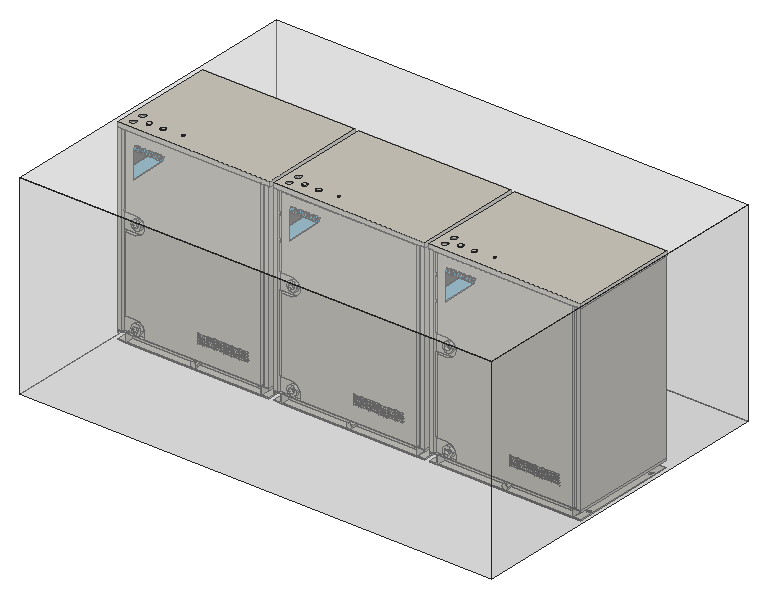
Revit family "outputfile", category 機械設備, Revit 2024
Family settings
  丸型コネクタ寸法 = 半径を使用
  種別 = なし
  パーツ タイプ = 標準
  OmniClass 番号 = 23.75.10.24.21.27.27
  OmniClass タイトル = Split System Air Conditioning Units
  作業面ベース = いいえ
  常に垂直 = はい
  ロード時にボイドで切り取り = いいえ
  注釈の向きを維持 = いいえ
  共有 = いいえ
  部屋計算ポイント = いいえ
Parameters (values of type "RWEYQ30TY1S")
  製造元 = "Daikin"
  書き出し IFC クラス(タイプ) = "IfcUnitaryEquipmentType"
  定義済み IFC タイプ(タイプ) = "AIRCONDITIONINGUNIT"
  モデル = "RWEYQ30TY1S"
  w_unit3 = 780.0 mm
  w_unit2 = 780.0 mm
  w_unit1 = 780.0 mm
  switch_unit3_6-8 [instance] = if(Reverse_ModuleSequence, if(default_unit1 = 1, 1 = 1, 1 = 0), if(default_unit3 = 1, 1 = 1, 1 = 0))  # no
  switch_unit3_12 [instance] = if(Reverse_ModuleSequence, if(default_unit1 = 3, 1 = 1, 1 = 0), if(default_unit3 = 3, 1 = 1, 1 = 0))  # no
  switch_unit3_10 [instance] = if(Reverse_ModuleSequence, if(default_unit1 = 2, 1 = 1, 1 = 0), if(default_unit3 = 2, 1 = 1, 1 = 0))  # yes
  switch_unit2_6-8 [instance] = if(default_unit2 = 1, 1 = 1, 1 = 0)  # no
  switch_unit2_12 [instance] = if(default_unit2 = 3, 1 = 1, 1 = 0)  # no
  switch_unit2_10 [instance] = if(default_unit2 = 2, 1 = 1, 1 = 0)  # yes
  switch_unit1_6-8 [instance] = if(Reverse_ModuleSequence, if(default_unit3 = 1, 1 = 1, 1 = 0), if(default_unit1 = 1, 1 = 1, 1 = 0))  # no
  switch_unit1_12 [instance] = if(Reverse_ModuleSequence, if(default_unit3 = 3, 1 = 1, 1 = 0), if(default_unit1 = 3, 1 = 1, 1 = 0))  # no
  switch_unit1_10 [instance] = if(Reverse_ModuleSequence, if(default_unit3 = 2, 1 = 1, 1 = 0), if(default_unit1 = 2, 1 = 1, 1 = 0))  # yes
  default_Water Outlet Pipe Connection_Unit 3 = 31.8 mm
  default_Water Outlet Pipe Connection_Unit 2 = 31.8 mm
  default_Water Outlet Pipe Connection_Unit 1 = 31.8 mm
  default_Water Inlet Pipe Connection_Unit 3 = 31.8 mm
  default_Water Inlet Pipe Connection_Unit 2 = 31.8 mm
  default_Water Inlet Pipe Connection_Unit 1 = 31.8 mm
  angle_Drain [instance] = if(Rear Connection_Drain, 180.00°, 0.00°)  # 0.00°
  r_Water Outlet Pipe Connection_unit3 [instance] = Water Outlet Pipe Connection_Unit3 / 2  # 15.9 mm
  r_Water Outlet Pipe Connection_unit2 [instance] = Water Outlet Pipe Connection_Unit2 / 2  # 15.9 mm
  r_Water Outlet Pipe Connection_unit1 [instance] = Water Outlet Pipe Connection_Unit1 / 2  # 15.9 mm
  r_Water Inlet Pipe Connection_unit3 [instance] = Water Inlet Pipe Connection_Unit3 / 2  # 15.9 mm
  r_Water Inlet Pipe Connection_unit2 [instance] = Water Inlet Pipe Connection_Unit2 / 2  # 15.9 mm
  r_Water Inlet Pipe Connection_unit1 [instance] = Water Inlet Pipe Connection_Unit1 / 2  # 15.9 mm
  r_Liquid Pipe Size_unit3 [instance] = Liquid Pipe Size_Unit 3 / 2  # 4.75 mm
  r_Liquid Pipe Size_unit2 [instance] = Liquid Pipe Size_Unit 2 / 2  # 4.75 mm
  r_HP/LP Gas Pipe Size_unit3 [instance] = [HP/LP Gas Pipe Size_Unit 3] / 2  # 11.1 mm
  r_HP/LP Gas Pipe Size_unit2 [instance] = [HP/LP Gas Pipe Size_Unit 2] / 2  # 11.1 mm
  r_HP/LP Gas Pipe Size_unit1 [instance] = [HP/LP Gas Pipe Size_Unit 1] / 2  # 11.1 mm
  r_Gas Pipe Size_unit3 [instance] = Gas Pipe Size_Unit 3 / 2  # 11.1 mm
  r_Gas Pipe Size_unit2 [instance] = Gas Pipe Size_Unit 2 / 2  # 11.1 mm
  r_Drain Pipe Size = Drain Pipe Size / 2  # 6.35 mm
  lw_powersupply3 = 51.0 mm
  lw_powersupply2 = 51.0 mm
  lw_liquidpipe3 = 274.0 mm
  lw_liquidpipe2 = 274.0 mm
  lw_gaspipe3 [instance] = if(Heat Pump, 107.0 mm, 178.0 mm)  # 107.0 mm
  lw_gaspipe2 [instance] = if(Heat Pump, 107.0 mm, 178.0 mm)  # 107.0 mm
  lw_Water Outlet3 = 95.0 mm
  lw_Water Outlet2 = 95.0 mm
  lw_Water Outlet1 = 95.0 mm
  lw_Water Inlet3 = 95.0 mm
  lw_Water Inlet2 = 95.0 mm
  lw_Water Inlet1 = 95.0 mm
  lw_HP/LP Gas Pipe3 [instance] = if(Heat Pump, 178.0 mm, 107.0 mm)  # 178.0 mm
  lw_HP/LP Gas Pipe2 [instance] = if(Heat Pump, 178.0 mm, 107.0 mm)  # 178.0 mm
  lw_HP/LP Gas Pipe1 [instance] = if(Heat Pump, 178.0 mm, 107.0 mm)  # 178.0 mm
  lw_Drain3 = 390.0 mm
  lw_Drain2 = 390.0 mm
  lw_Drain1 = 390.0 mm
  ld_HP/LP Gas Pipe = 69.0 mm
  h_mountinghole = [h_***] + 2.3 mm  # 2.3 mm
  r_Liquid Pipe Size_unit1 [instance] = Liquid Pipe Size_Unit 1 / 2  # 4.75 mm
  r_Gas Pipe Size_unit1 [instance] = Gas Pipe Size_Unit 1 / 2  # 11.1 mm
  distance_unit2-3 [instance] = 20.0 mm
  distance_unit1-2 [instance] = 20.0 mm
  default_unit3 = 2
  default_unit2 = 2
  default_unit1 = 2
  default_Model_Unit 3 = "RWEYQ10TY1S"
  default_Model_Unit 2 = "RWEYQ10TY1S"
  default_Model_Unit 1 = "RWEYQ10TY1S"
  default_Liquid Pipe Size_Unit 3 = 9.5 mm
  default_Liquid Pipe Size_Unit 2 = 9.5 mm
  default_Liquid Pipe Size_Unit 1 = 9.5 mm
  default_HP/LP Gas Pipe Size_Unit 3 [instance] = if(and(Heat Pump, [switch_unit3_6-8]), 19.1 mm, if(and(Heat Pump, switch_unit3_10), 22.2 mm, if(and(Heat Pump, switch_unit3_12), 22.2 mm, if(and(Heat Recovery, [switch_unit3_6-8]), 15.9 mm, if(and(Heat Recovery, switch_unit3_10), 19.1 mm, if(and(Heat Recovery, switch_unit3_12), 19.1 mm, 19.1 mm))))))  # 22.2 mm
  default_HP/LP Gas Pipe Size_Unit 2 [instance] = if(and(Heat Pump, [switch_unit2_6-8]), 19.1 mm, if(and(Heat Pump, switch_unit2_10), 22.2 mm, if(and(Heat Pump, switch_unit2_12), 22.2 mm, if(and(Heat Recovery, [switch_unit2_6-8]), 15.9 mm, if(and(Heat Recovery, switch_unit2_10), 19.1 mm, if(and(Heat Recovery, switch_unit2_12), 19.1 mm, 19.1 mm))))))  # 22.2 mm
  default_HP/LP Gas Pipe Size_Unit 1 [instance] = if(and(Heat Pump, [switch_unit1_6-8]), 19.1 mm, if(and(Heat Pump, switch_unit1_10), 22.2 mm, if(and(Heat Pump, switch_unit1_12), 22.2 mm, if(and(Heat Recovery, [switch_unit1_6-8]), 15.9 mm, if(and(Heat Recovery, switch_unit1_10), 19.1 mm, if(and(Heat Recovery, switch_unit1_12), 19.1 mm, 19.1 mm))))))  # 22.2 mm
  default_Gas Pipe Size_Unit 3 = 22.2 mm
  default_Gas Pipe Size_Unit 2 = 22.2 mm
  default_Gas Pipe Size_Unit 1 = 22.2 mm
  Water Outlet Pipe Connection_Unit3 [instance] = if(Reverse_ModuleSequence, default_Water Outlet Pipe Connection_Unit 1, default_Water Outlet Pipe Connection_Unit 3)  # 31.8 mm
  Water Outlet Pipe Connection_Unit2 [instance] = if(Reverse_ModuleSequence, default_Water Inlet Pipe Connection_Unit 2, default_Water Inlet Pipe Connection_Unit 2)  # 31.8 mm
  Water Outlet Pipe Connection_Unit1 [instance] = if(Reverse_ModuleSequence, default_Water Outlet Pipe Connection_Unit 3, default_Water Outlet Pipe Connection_Unit 1)  # 31.8 mm
  Water Inlet Pipe Connection_Unit3 [instance] = if(Reverse_ModuleSequence, default_Water Inlet Pipe Connection_Unit 1, default_Water Inlet Pipe Connection_Unit 3)  # 31.8 mm
  Water Inlet Pipe Connection_Unit2 [instance] = if(Reverse_ModuleSequence, default_Water Outlet Pipe Connection_Unit 2, default_Water Outlet Pipe Connection_Unit 2)  # 31.8 mm
  Water Inlet Pipe Connection_Unit1 [instance] = if(Reverse_ModuleSequence, default_Water Inlet Pipe Connection_Unit 3, default_Water Inlet Pipe Connection_Unit 1)  # 31.8 mm
  Voltage_comment_50Hz = "380-415"
  Voltage_50Hz = 400 V
  Top Connection_powersupply2 [instance] = not(Top Connection_powersupply1)  # no
  Sound Power Level (dB) = 76
  Reverse_ModuleSequence [instance] = no
  Rear Connection_Drain [instance] = not(Front Connection_Drain)  # no
  Power Input (Heating) = 16.800 kW
  Phase_50Hz = 3
  Nominal Heating Capacity = 94.500 kW
  Model_Unit 3 [instance] = if(Reverse_ModuleSequence, default_Model_Unit 1, default_Model_Unit 3)  # "RWEYQ10TY1S"
  Model_Unit 2 [instance] = if(Reverse_ModuleSequence, default_Model_Unit 2, default_Model_Unit 2)  # "RWEYQ10TY1S"
  Model_Unit 1 [instance] = if(Reverse_ModuleSequence, default_Model_Unit 3, default_Model_Unit 1)  # "RWEYQ10TY1S"
  Minimum Circuit Amps_50Hz = 40.9 A
  Maximum Fuse Amps_50Hz = 45.0 A
  Material_Heat Exchanger = DAIKIN_Blue_HE_outdoorunit
  Material_Casing = DAIKIN_IvoryWhite_Casing_outdoorunit
  lw_powersupply1 = 51.0 mm
  lw_liquidpipe1 = 274.0 mm
  lw_gaspipe1 [instance] = if(Heat Pump, 107.0 mm, 178.0 mm)  # 107.0 mm
  lh_powersupply = 940.0 mm
  ld_powersupply [instance] = if(Top Connection_powersupply1, 38.0 mm, 98.0 mm)  # 38.0 mm
  ld_liquidpipe = 79.0 mm
  ld_gaspipe = 69.0 mm
  h_*** = 0.0 mm
  Width [instance] = [distance_unit1-2] + [distance_unit2-3] + w_unit1 + w_unit2 + w_unit3  # 2380.0 mm
  Version = "ver.1.0"
  Unit Type = ""
  Unit Mass Weight = 441.00 kg
  Unit Designation [instance] = ""
  Uniclass2015Version = "Products v1.30"
  Uniclass2015Title = "Variable refrigerant flow units"
  Uniclass2015Code = "Pr_70_65_03_94"
  Total Cooling Capacity [instance] = 0.000 kW
  Sound Pressure Level (dBA) = 56
  Series = "VRV Heat Recovery"
  Refrigerant_Base Charge = 12.600 kg
  Refrigerant_Additional Charge [instance] = 0.000 kg
  Refrigerant Type = "R410A"
  Power Input (Cooling) = 16.300 kW
  Option Accessory 3 [instance] = ""
  Option Accessory 2 [instance] = ""
  Option Accessory 1 [instance] = ""
  Nominal Cooling Capacity = 84.000 kW
  Load Classification = HVAC
  Liquid Pipe Size_Unit 3 [instance] = if(Reverse_ModuleSequence, default_Liquid Pipe Size_Unit 1, default_Liquid Pipe Size_Unit 3)  # 9.5 mm
  Liquid Pipe Size_Unit 2 [instance] = if(Reverse_ModuleSequence, default_Liquid Pipe Size_Unit 2, default_Liquid Pipe Size_Unit 2)  # 9.5 mm
  Liquid Pipe Size_Unit 1 [instance] = if(Reverse_ModuleSequence, default_Liquid Pipe Size_Unit 3, default_Liquid Pipe Size_Unit 1)  # 9.5 mm
  Link_Nested Family [instance] = ""
  Intermediate Liquid Pipe Size_Unit1-2 = 15.9 mm
  Intermediate HP/LP Gas Pipe Size_Unit1-2 = 22.2 mm
  Intermediate Gas Pipe Size_Unit1-2 = 28.6 mm
  IfcVersion = ""
  IfcExportType = "AIRCONDITIONINGUNIT"
  IfcExportAs = "IfcUnitaryEquipmentType"
  Height = 1000.0 mm
  Heat Recovery [instance] = not(Heat Pump)  # no
  Heat Pump [instance] = yes
  Heat Exchanger Type = "Stainless Steel Plate"
  HP/LP Gas Pipe Size_Unit 3 [instance] = [default_HP/LP Gas Pipe Size_Unit 3]  # 22.2 mm
  HP/LP Gas Pipe Size_Unit 2 [instance] = [default_HP/LP Gas Pipe Size_Unit 2]  # 22.2 mm
  HP/LP Gas Pipe Size_Unit 1 [instance] = [default_HP/LP Gas Pipe Size_Unit 1]  # 22.2 mm
  Gas Pipe Size_Unit 3 [instance] = if(Reverse_ModuleSequence, default_Gas Pipe Size_Unit 1, default_Gas Pipe Size_Unit 3)  # 22.2 mm
  Gas Pipe Size_Unit 2 [instance] = if(Reverse_ModuleSequence, default_Gas Pipe Size_Unit 2, default_Gas Pipe Size_Unit 2)  # 22.2 mm
  Gas Pipe Size_Unit 1 [instance] = if(Reverse_ModuleSequence, default_Gas Pipe Size_Unit 3, default_Gas Pipe Size_Unit 1)  # 22.2 mm
  Top Connection_powersupply1 [instance] = yes
  Front Connection_Drain [instance] = yes
  Frequency_50Hz = 50 Hz
  Drain Pipe Size = 12.7 mm
  Depth = 550.0 mm
  既定の高さ = 0.0 mm
  Cooling Ambient Wet Bulb Temperature [instance] = 0.00 °C
  Cooling Ambient Dry Bulb Temperature [instance] = 0.00 °C
  Compressor Type = "Hermetically Sealed Scroll Type"
  Clearance visibility [instance] = yes
  Clearance Top = 0.0 mm
  Clearance Right = 20.0 mm
  Clearance Rear = 500.0 mm
  Clearance Left = 20.0 mm
  Clearance Front = 600.0 mm
  Clearance Bottom = 0.0 mm
  CU Tag No. [instance] = ""
Reference planes
  plane 1 "Center (Front/Back)": y = 0
  plane 2 "h_***": z = 0
  plane 3 "Center (Left/Right)": x = 0
  plane 4 "Back": y = 275
  plane 5 "Front": y = -275
  plane 6 "Left": x = -390
  plane 7 "w_unit1": x = 390
  plane 8 "Top": z = 1000
  plane 9 "Clearance Rear": y = 775
  plane 10 "Clearance Front": y = -875
  plane 11 "Clearance Left": x = -410
  plane 12 "Clearance Right": x = 2010
  plane 13 "Clearance Top": z = 1000
  plane 14 "Clearance Bottom": z = 0
  plane 15 "Bottom": z = 0
  plane 16 "lw_powersupply1": x = -339
  plane 17 "ld_powersupply": y = -237
  plane 18 "lw_liquidpipe1": x = -116
  plane 19 "Rear Connection_refrigetant": y = -196
  plane 20 "lw_gaspipe1": x = -283
  plane 21 "ld_gaspipe": y = -206
  plane 22 "lh_logo": z = 900
  plane 23 "lw_logo": x = 100
  plane 24 "lh_powersupply": z = 940
  plane 25 "lw_HP/LP Gas Pipe1": x = -212
  plane 26 "ld_HP/LP Gas Pipe": y = -206
  plane 27 "l_unit2": x = 410
  plane 28 "w_unit2": x = 1190
  plane 29 "lw_powersupply2": x = 461
  plane 30 "lw_liquidpipe2": x = 684
  plane 31 "lw_gaspipe2": x = 517
  plane 32 "lw_HP/LP Gas Pipe2": x = 588
  plane 33 "Right": x = 1990
  plane 34 "叴": x = 1210
  plane 35 "叵": x = 1261
  plane 36 "叶": x = 1484
  plane 37 "号": x = 1317
  plane 38 "司": x = 1388
  plane 39 "lw_Water Inlet1": x = -295
  plane 40 "lw_Water Inlet2": x = 505
  plane 41 "lw_Water Inlet3": x = 1305
  plane 42 "lw_Water Outlet1": x = -295
  plane 43 "lw_Water Outlet2": x = 505
  plane 44 "lw_Water Outlet3": x = 1305
  plane 45 "lw_Drain1": x = 0
  plane 46 "lw_Drain2": x = 800
  plane 47 "lw_Drain3": x = 1600
Dimensions and locks
  equal spacing: plane 4 "Back", plane 1 "Center (Front/Back)", plane 5 "Front"
  "Depth": plane 4 "Back" to plane 5 "Front"
  equal spacing: plane 6 "Left", plane 3 "Center (Left/Right)", plane 7 "w_unit1"
  "w_unit1": plane 6 "Left" to plane 7 "w_unit1"
  "Clearance Rear": plane 9 "Clearance Rear" to plane 4 "Back"
  "Clearance Front": plane 10 "Clearance Front" to plane 5 "Front"
  "Clearance Left": plane 11 "Clearance Left" to plane 6 "Left"
  "Clearance Top": plane 13 "Clearance Top" to plane 8 "Top"
  "h_***": plane 15 "Bottom" to plane 2 "h_***"
  "Height": plane 8 "Top" to plane 15 "Bottom"
  "Clearance Bottom": plane 15 "Bottom" to plane 14 "Clearance Bottom"
  "ld_powersupply": plane 17 "ld_powersupply" to plane 5 "Front"
  "ld_liquidpipe": plane 19 "Rear Connection_refrigetant" to plane 5 "Front"
  "ld_gaspipe": plane 21 "ld_gaspipe" to plane 5 "Front"
  locked: plane 23 "lw_logo" to plane 7 "w_unit1" at 290
  locked: plane 22 "lh_logo" to plane 15 "Bottom" at 900
  "lw_gaspipe1": plane 6 "Left" to plane 20 "lw_gaspipe1"
  "lw_liquidpipe1": plane 6 "Left" to plane 18 "lw_liquidpipe1"
  "lw_powersupply1": plane 6 "Left" to plane 16 "lw_powersupply1"
  "lh_powersupply": plane 24 "lh_powersupply" to plane 15 "Bottom"
  "lw_HP/LP Gas Pipe1": plane 6 "Left" to plane 25 "lw_HP/LP Gas Pipe1"
  "ld_HP/LP Gas Pipe": plane 26 "ld_HP/LP Gas Pipe" to plane 5 "Front"
  "distance_unit1-2": plane 7 "w_unit1" to plane 27 "l_unit2"
  "lw_powersupply2": plane 27 "l_unit2" to plane 29 "lw_powersupply2"
  "lw_HP/LP Gas Pipe2": plane 27 "l_unit2" to plane 32 "lw_HP/LP Gas Pipe2"
  "lw_gaspipe2": plane 27 "l_unit2" to plane 31 "lw_gaspipe2"
  "lw_liquidpipe2": plane 27 "l_unit2" to plane 30 "lw_liquidpipe2"
  "w_unit2": plane 27 "l_unit2" to plane 28 "w_unit2"
  "distance_unit2-3": plane 28 "w_unit2" to plane 34 "叴"
  "Width": plane 6 "Left" to plane 33 "Right"
  "Clearance Right": plane 33 "Right" to plane 12 "Clearance Right"
  "lw_powersupply3": plane 34 "叴" to plane 35 "叵"
  "lw_HP/LP Gas Pipe3": plane 34 "叴" to plane 38 "司"
  "lw_gaspipe3": plane 34 "叴" to plane 37 "号"
  "lw_liquidpipe3": plane 34 "叴" to plane 36 "叶"
  "lw_Water Inlet1": plane 6 "Left" to plane 39 "lw_Water Inlet1"
  "lw_Water Inlet2": plane 27 "l_unit2" to plane 40 "lw_Water Inlet2"
  "lw_Water Inlet3": plane 34 "叴" to plane 41 "lw_Water Inlet3"
  "lw_Water Outlet1": plane 6 "Left" to plane 42 "lw_Water Outlet1"
  "lw_Water Outlet2": plane 27 "l_unit2" to plane 43 "lw_Water Outlet2"
  "lw_Water Outlet3": plane 34 "叴" to plane 44 "lw_Water Outlet3"
  "lw_Drain1": plane 6 "Left" to plane 45 "lw_Drain1"
  "lw_Drain2": plane 27 "l_unit2" to plane 46 "lw_Drain2"
  "lw_Drain3": plane 34 "叴" to plane 47 "lw_Drain3"
  aligned and locked: level to plane 2 "h_***"
  aligned and locked: nested 2 to plane 9 "Clearance Rear"
  aligned and locked: nested 2 to plane 10 "Clearance Front"
  aligned and locked: plane 11 "Clearance Left" to nested 2
  aligned and locked: plane 12 "Clearance Right" to nested 2
  aligned and locked: nested 2 to plane 13 "Clearance Top"
  aligned and locked: nested 2 to plane 14 "Clearance Bottom"
  aligned and locked: plane 8 "Top" to nested 1
  aligned and locked: plane 22 "lh_logo" to nested 7
  aligned and locked: nested 8 to plane 16 "lw_powersupply1"
  aligned and locked: nested 9 to plane 20 "lw_gaspipe1"
  aligned and locked: nested 10 to plane 18 "lw_liquidpipe1"
  aligned and locked: nested 10 to plane 19 "Rear Connection_refrigetant"
  aligned and locked: nested 9 to plane 21 "ld_gaspipe"
  aligned and locked: nested 8 to plane 17 "ld_powersupply"
  aligned and locked: plane 5 "Front" to nested 7
  aligned and locked: plane 24 "lh_powersupply" to nested 8
  aligned and locked: plane 27 "l_unit2" to nested 11
  aligned and locked: nested 17 to plane 29 "lw_powersupply2"
  aligned and locked: nested 17 to plane 17 "ld_powersupply"
  aligned and locked: nested 18 to plane 31 "lw_gaspipe2"
  aligned and locked: nested 18 to plane 26 "ld_HP/LP Gas Pipe"
  aligned and locked: plane 1 "Center (Front/Back)" to nested 20
  aligned and locked: plane 34 "叴" to nested 20
  aligned and locked: nested 27 to plane 35 "叵"
  aligned and locked: nested 28 to plane 37 "号"
  aligned and locked: nested 26 to plane 36 "叶"
  aligned and locked: plane 17 "ld_powersupply" to nested 27
  aligned and locked: plane 21 "ld_gaspipe" to nested 28
  aligned and locked: plane 19 "Rear Connection_refrigetant" to nested 26
  aligned and locked: nested 27 to plane 24 "lh_powersupply"
  aligned and locked: plane 39 "lw_Water Inlet1" to nested 29
  aligned and locked: plane 40 "lw_Water Inlet2" to nested 30
  aligned and locked: plane 41 "lw_Water Inlet3" to nested 31
  aligned and locked: plane 42 "lw_Water Outlet1" to nested 32
  aligned and locked: plane 43 "lw_Water Outlet2" to nested 33
  aligned and locked: plane 44 "lw_Water Outlet3" to nested 34
  aligned and locked: plane 45 "lw_Drain1" to nested 35
  aligned and locked: plane 46 "lw_Drain2" to nested 36
  aligned and locked: plane 47 "lw_Drain3" to nested 37
  aligned and locked: plane 1 "Center (Front/Back)" to nested 29
  aligned and locked: plane 1 "Center (Front/Back)" to nested 32
  aligned and locked: plane 1 "Center (Front/Back)" to nested 31
  aligned and locked: plane 1 "Center (Front/Back)" to nested 30
  aligned and locked: plane 1 "Center (Front/Back)" to nested 33
  aligned and locked: plane 1 "Center (Front/Back)" to nested 35
  aligned and locked: plane 1 "Center (Front/Back)" to nested 34
  aligned and locked: plane 1 "Center (Front/Back)" to nested 37
  aligned and locked: plane 1 "Center (Front/Back)" to nested 36
  aligned and locked: plane 25 "lw_HP/LP Gas Pipe1" to nested 38
  aligned and locked: plane 32 "lw_HP/LP Gas Pipe2" to nested 39
  aligned and locked: plane 38 "司" to nested 40
  aligned and locked: nested 38 to plane 26 "ld_HP/LP Gas Pipe"
  aligned and locked: nested 39 to plane 26 "ld_HP/LP Gas Pipe"
  aligned and locked: plane 26 "ld_HP/LP Gas Pipe" to nested 40
Nested families
  nested 1: "DAIKIN_outdoorunit_RWEYQ-TY1S" at (-31, 0, 0), h_*** <- "h_***", Link_Nest <- "Link_Nested Family", h_mountinghole <- "h_mountinghole", Width <- "w_unit1", switch_unit1_6-8 <- "switch_unit1_6-8", switch_unit1_10 <- "switch_unit1_10", switch_unit1_12 <- "switch_unit1_12", type "RWEYQ-TY1S"
    with switch_unit1_6-8 no, switch_unit1_12 no, switch_unit1_10 yes, show_fixedhole yes, h_mountinghole 2.3 mm, h_antenna_mountinghole 998.7 mm, h_*** 0.0 mm, array_bolt 5, Width 780.0 mm, Liquid Pipe Size_Unit 1 9.5 mm, Link_Nest "", HP/LP Pipe Size_Unit 1 22.2 mm, Gas Pipe Size_Unit 1 22.2 mm
  nested 2: "daikin_clearancespace" at (800, -50, 500.119), visible <- "Clearance visibility", show <- "Clearance visibility", Link_Nested Family <- "Link_Nested Family", type "daikin_clearancespace"
    with width 2420.0 mm, show yes, height 1000.0 mm, depth 1650.0 mm, Link_Nested Family ""
  nested 3: "daikin_mountinghole" at (-372, 200, 0), type "daikin_mountinghole"
    with show yes, l_antenna 998.7 mm, h_mountinghole 2.3 mm, Link_Nested Family ""
  nested 4: "daikin_mountinghole" at (372, 200, 0), type "daikin_mountinghole"
    with show yes, l_antenna 998.7 mm, h_mountinghole 2.3 mm, Link_Nested Family ""
  nested 5: "daikin_mountinghole" at (-372, -200, 0), type "daikin_mountinghole"
    with show yes, l_antenna 998.7 mm, h_mountinghole 2.3 mm, Link_Nested Family ""
  nested 6: "daikin_mountinghole" at (372, -200, 0), type "daikin_mountinghole"
    with show yes, l_antenna 998.7 mm, h_mountinghole 2.3 mm, Link_Nested Family ""
  nested 7: "daikin_logo_elevation_w150" at (-212.5, -275, 744.568), type "daikin_logo_elevation_w150"
    with show_logo yes
  nested 8: "daikin_connector_rotate3" at (-339, -237, 940) x (-1, 0, 0) z (0, 0, -1), type "daikin_connector_rotate3"
    with show no, radius 10.0 mm, length 60.0 mm, angle_vertical 0.00°, angle_horizontal 0.00°
  nested 9: "daikin_connector_rotate3" at (-283, -206, 940) x (-1, 0, 0) z (0, 0, -1), radius <- "r_Gas Pipe Size_unit1", type "daikin_connector_rotate3"
    with show no, radius 11.1 mm, length 60.0 mm, angle_vertical 0.00°, angle_horizontal 0.00°
  nested 10: "daikin_connector_rotate3" at (-116, -196, 940) x (-1, 0, 0) z (0, 0, -1), radius <- "r_Liquid Pipe Size_unit1", type "daikin_connector_rotate3"
    with show no, radius 4.75 mm, length 60.0 mm, angle_vertical 0.00°, angle_horizontal 0.00°
  nested 11: "DAIKIN_outdoorunit_RWEYQ-TY1S" at (769, 0, 0), Width <- "w_unit2", switch_unit1_6-8 <- "switch_unit2_6-8", switch_unit1_10 <- "switch_unit2_10", switch_unit1_12 <- "switch_unit2_12", type "RWEYQ-TY1S"
    with switch_unit1_6-8 no, switch_unit1_12 no, switch_unit1_10 yes, show_fixedhole yes, h_mountinghole 2.3 mm, h_antenna_mountinghole 998.7 mm, h_*** 0.0 mm, array_bolt 5, Width 780.0 mm, Liquid Pipe Size_Unit 1 9.5 mm, Link_Nest "", HP/LP Pipe Size_Unit 1 22.2 mm, Gas Pipe Size_Unit 1 22.2 mm
  nested 12: "daikin_mountinghole" at (428, 200, 0), type "daikin_mountinghole"
    with show yes, l_antenna 998.7 mm, h_mountinghole 2.3 mm, Link_Nested Family ""
  nested 13: "daikin_mountinghole" at (1172, 200, 0), type "daikin_mountinghole"
    with show yes, l_antenna 998.7 mm, h_mountinghole 2.3 mm, Link_Nested Family ""
  nested 14: "daikin_mountinghole" at (428, -200, 0), type "daikin_mountinghole"
    with show yes, l_antenna 998.7 mm, h_mountinghole 2.3 mm, Link_Nested Family ""
  nested 15: "daikin_mountinghole" at (1172, -200, 0), type "daikin_mountinghole"
    with show yes, l_antenna 998.7 mm, h_mountinghole 2.3 mm, Link_Nested Family ""
  nested 16: "daikin_connector_rotate3" at (684, -196, 940) x (-1, 0, 0) z (0, 0, -1), radius <- "r_Liquid Pipe Size_unit2", type "daikin_connector_rotate3"
    with show no, radius 4.75 mm, length 60.0 mm, angle_vertical 0.00°, angle_horizontal 0.00°
  nested 17: "daikin_connector_rotate3" at (461, -237, 940) x (-1, 0, 0) z (0, 0, -1), type "daikin_connector_rotate3"
    with show no, radius 10.0 mm, length 60.0 mm, angle_vertical 0.00°, angle_horizontal 0.00°
  nested 18: "daikin_connector_rotate3" at (517, -206, 940) x (-1, 0, 0) z (0, 0, -1), radius <- "r_Gas Pipe Size_unit2", type "daikin_connector_rotate3"
    with show no, radius 11.1 mm, length 60.0 mm, angle_vertical 0.00°, angle_horizontal 0.00°
  nested 19: "daikin_logo_elevation_w150" at (587.5, -275, 744.568), type "daikin_logo_elevation_w150"
    with show_logo yes
  nested 20: "DAIKIN_outdoorunit_RWEYQ-TY1S" at (1569, 0, 0), switch_unit1_6-8 <- "switch_unit3_6-8", switch_unit1_10 <- "switch_unit3_10", switch_unit1_12 <- "switch_unit3_12", Width <- "w_unit3", type "RWEYQ-TY1S"
    with switch_unit1_6-8 no, switch_unit1_12 no, switch_unit1_10 yes, show_fixedhole yes, h_mountinghole 2.3 mm, h_antenna_mountinghole 998.7 mm, h_*** 0.0 mm, array_bolt 5, Width 780.0 mm, Liquid Pipe Size_Unit 1 9.5 mm, Link_Nest "", HP/LP Pipe Size_Unit 1 22.2 mm, Gas Pipe Size_Unit 1 22.2 mm
  nested 21: "daikin_mountinghole" at (1228, 200, 0), type "daikin_mountinghole"
    with show yes, l_antenna 998.7 mm, h_mountinghole 2.3 mm, Link_Nested Family ""
  nested 22: "daikin_mountinghole" at (1972, 200, 0), type "daikin_mountinghole"
    with show yes, l_antenna 998.7 mm, h_mountinghole 2.3 mm, Link_Nested Family ""
  nested 23: "daikin_mountinghole" at (1228, -200, 0), type "daikin_mountinghole"
    with show yes, l_antenna 998.7 mm, h_mountinghole 2.3 mm, Link_Nested Family ""
  nested 24: "daikin_mountinghole" at (1972, -200, 0), type "daikin_mountinghole"
    with show yes, l_antenna 998.7 mm, h_mountinghole 2.3 mm, Link_Nested Family ""
  nested 25: "daikin_logo_elevation_w150" at (1387.5, -275, 744.568), type "daikin_logo_elevation_w150"
    with show_logo yes
  nested 26: "daikin_connector_rotate3" at (1484, -196, 940) x (-1, 0, 0) z (0, 0, -1), radius <- "r_Liquid Pipe Size_unit3", type "daikin_connector_rotate3"
    with show no, radius 4.75 mm, length 60.0 mm, angle_vertical 0.00°, angle_horizontal 0.00°
  nested 27: "daikin_connector_rotate3" at (1261, -237, 940) x (-1, 0, 0) z (0, 0, -1), type "daikin_connector_rotate3"
    with show no, radius 10.0 mm, length 60.0 mm, angle_vertical 0.00°, angle_horizontal 0.00°
  nested 28: "daikin_connector_rotate3" at (1317, -206, 940) x (-1, 0, 0) z (0, 0, -1), radius <- "r_Gas Pipe Size_unit3", type "daikin_connector_rotate3"
    with show no, radius 11.1 mm, length 60.0 mm, angle_vertical 0.00°, angle_horizontal 0.00°
  nested 29: "daikin_connector_rotate3" at (-295, 0, 76), radius <- "r_Water Inlet Pipe Connection_unit1", type "daikin_connector_rotate3"
    with show no, radius 15.9 mm, length 275.0 mm, angle_vertical 90.00°, angle_horizontal 0.00°
  nested 30: "daikin_connector_rotate3" at (505, 0, 76), radius <- "r_Water Inlet Pipe Connection_unit2", type "daikin_connector_rotate3"
    with show no, radius 15.9 mm, length 275.0 mm, angle_vertical 90.00°, angle_horizontal 0.00°
  nested 31: "daikin_connector_rotate3" at (1305, 0, 76), radius <- "r_Water Inlet Pipe Connection_unit3", type "daikin_connector_rotate3"
    with show no, radius 15.9 mm, length 275.0 mm, angle_vertical 90.00°, angle_horizontal 0.00°
  nested 32: "daikin_connector_rotate3" at (-295, 0, 556), radius <- "r_Water Outlet Pipe Connection_unit1", type "daikin_connector_rotate3"
    with show no, radius 15.9 mm, length 275.0 mm, angle_vertical 90.00°, angle_horizontal 0.00°
  nested 33: "daikin_connector_rotate3" at (505, 0, 556), radius <- "r_Water Outlet Pipe Connection_unit2", type "daikin_connector_rotate3"
    with show no, radius 15.9 mm, length 275.0 mm, angle_vertical 90.00°, angle_horizontal 0.00°
  nested 34: "daikin_connector_rotate3" at (1305, 0, 556), radius <- "r_Water Outlet Pipe Connection_unit3", type "daikin_connector_rotate3"
    with show no, radius 15.9 mm, length 275.0 mm, angle_vertical 90.00°, angle_horizontal 0.00°
  nested 35: "daikin_connector_rotate3" at (0, 0, 19), angle_horizontal <- "angle_Drain", radius <- "r_Drain Pipe Size", type "daikin_connector_rotate3"
    with show no, radius 6.35 mm, length 275.0 mm, angle_vertical 90.00°, angle_horizontal 0.00°
  nested 36: "daikin_connector_rotate3" at (800, 0, 19), angle_horizontal <- "angle_Drain", radius <- "r_Drain Pipe Size", type "daikin_connector_rotate3"
    with show no, radius 6.35 mm, length 275.0 mm, angle_vertical 90.00°, angle_horizontal 0.00°
  nested 37: "daikin_connector_rotate3" at (1600, 0, 19), angle_horizontal <- "angle_Drain", radius <- "r_Drain Pipe Size", type "daikin_connector_rotate3"
    with show no, radius 6.35 mm, length 275.0 mm, angle_vertical 90.00°, angle_horizontal 0.00°
  nested 38: "daikin_connector_rotate3" at (-212, -206, 940) x (1, 0, 0) z (0, 0, -1), radius <- "r_HP/LP Gas Pipe Size_unit1", type "daikin_connector_rotate3"
    with show no, radius 11.1 mm, length 60.0 mm, angle_vertical 0.00°, angle_horizontal 0.00°
  nested 39: "daikin_connector_rotate3" at (588, -206, 940) x (1, 0, 0) z (0, 0, -1), radius <- "r_HP/LP Gas Pipe Size_unit2", type "daikin_connector_rotate3"
    with show no, radius 11.1 mm, length 60.0 mm, angle_vertical 0.00°, angle_horizontal 0.00°
  nested 40: "daikin_connector_rotate3" at (1388, -206, 940) x (1, 0, 0) z (0, 0, -1), radius <- "r_HP/LP Gas Pipe Size_unit3", type "daikin_connector_rotate3"
    with show no, radius 11.1 mm, length 60.0 mm, angle_vertical 0.00°, angle_horizontal 0.00°
Connectors
  piping at (-116, -196, 1000), diameter 9.5, driven by "r_Liquid Pipe Size_unit1"
    settings: on nested 10, index 12, connector inside diameter 609.6 mm, connector length 0.0 mm, flow factor 0, pipe flow 0.00 m³/h, pressure drop 0.0 Pa, fitting loss kfactor 0, connector angle 0.00°, fixture units 0, engagement length 0.0 mm, angle of deflection 0.00°, flow configuration 0, flow direction 2, fitting loss method 0, system type 29, joint type 0, gender type 0, connector reference index -1, connector utility 0, adjustable connector no, is connector primary no, connector description "Refrigerant Liquid Piping1"
  electrical at (-339, -237, 1000), driven by "Load Classification"
    settings: on nested 8, index 13, voltage 0 V, apparent load 0 VA, apparent load phase1 0 VA, apparent load phase2 0 VA, apparent load phase3 0 VA, power factor 1, load classification "HVAC", number of poles 1, system type 30, power factor state 1, is connector primary yes, connector utility no, sub classification motor no, connector description "Power Supply1"
  piping at (684, -196, 1000), diameter 9.5, driven by "r_Liquid Pipe Size_unit2"
    settings: on nested 16, index 15, connector inside diameter 609.6 mm, connector length 0.0 mm, flow factor 0, pipe flow 0.00 m³/h, pressure drop 0.0 Pa, fitting loss kfactor 0, connector angle 0.00°, fixture units 0, engagement length 0.0 mm, angle of deflection 0.00°, flow configuration 0, flow direction 2, fitting loss method 0, system type 29, joint type 0, gender type 0, connector reference index -1, connector utility 0, adjustable connector no, is connector primary no, connector description "Refrigerant Liquid Piping2"
  electrical at (461, -237, 1000), driven by "Load Classification"
    settings: on nested 17, index 17, voltage 0 V, apparent load 0 VA, apparent load phase1 0 VA, apparent load phase2 0 VA, apparent load phase3 0 VA, power factor 1, load classification "HVAC", number of poles 1, system type 30, power factor state 1, is connector primary no, connector utility no, sub classification motor no, connector description "Power Supply2"
  piping at (1484, -196, 1000), diameter 9.5, driven by "r_Liquid Pipe Size_unit3"
    settings: on nested 26, index 19, connector inside diameter 609.6 mm, connector length 0.0 mm, flow factor 0, pipe flow 0.00 m³/h, pressure drop 0.0 Pa, fitting loss kfactor 0, connector angle 0.00°, fixture units 0, engagement length 0.0 mm, angle of deflection 0.00°, flow configuration 0, flow direction 2, fitting loss method 0, system type 29, joint type 0, gender type 0, connector reference index -1, connector utility 0, adjustable connector no, is connector primary no, connector description "Refrigerant Liquid Piping3"
  piping at (1317, -206, 1000), diameter 22.2, driven by "r_Gas Pipe Size_unit3"
    settings: on nested 28, index 20, connector inside diameter 609.6 mm, connector length 0.0 mm, flow factor 0, pipe flow 0.00 m³/h, pressure drop 0.0 Pa, fitting loss kfactor 0, connector angle 0.00°, fixture units 0, engagement length 0.0 mm, angle of deflection 0.00°, flow configuration 0, flow direction 1, fitting loss method 0, system type 29, joint type 0, gender type 0, connector reference index -1, connector utility 0, adjustable connector no, is connector primary no, connector description "Refrigerant Gas Piping3"
  electrical at (1261, -237, 1000), driven by "Load Classification"
    settings: on nested 27, index 21, voltage 0 V, apparent load 0 VA, apparent load phase1 0 VA, apparent load phase2 0 VA, apparent load phase3 0 VA, power factor 1, load classification "HVAC", number of poles 1, system type 30, power factor state 1, is connector primary no, connector utility no, sub classification motor no, connector description "Power Supply3"
  piping at (-295, -275, 556), diameter 31.8, driven by "r_Water Outlet Pipe Connection_unit1"
    settings: on nested 32, index 24, connector inside diameter 609.6 mm, connector length 0.0 mm, flow factor 0, pipe flow 0.00 m³/h, pressure drop 0.0 Pa, fitting loss kfactor 0, connector angle 0.00°, fixture units 0, engagement length 0.0 mm, angle of deflection 0.00°, flow configuration 1, flow direction 2, fitting loss method 0, system type 8, joint type 0, gender type 0, connector reference index -1, connector utility 0, adjustable connector no, is connector primary no, connector description "Cooling Water Outlet Piping 1"
  piping at (-295, -275, 76), diameter 31.8, driven by "r_Water Inlet Pipe Connection_unit1"
    settings: on nested 29, index 25, connector inside diameter 609.6 mm, connector length 0.0 mm, flow factor 0, pipe flow 0.00 m³/h, pressure drop 0.0 Pa, fitting loss kfactor 0, connector angle 0.00°, fixture units 0, engagement length 0.0 mm, angle of deflection 0.00°, flow configuration 1, flow direction 1, fitting loss method 0, system type 7, joint type 0, gender type 0, connector reference index -1, connector utility 0, adjustable connector no, is connector primary no, connector description "Cooling Water Inlet  Piping 1"
  piping at (0, -275, 19), diameter 12.7, driven by "r_Drain Pipe Size"
    settings: on nested 35, index 26, connector inside diameter 609.6 mm, connector length 0.0 mm, flow factor 0, pipe flow 0.00 m³/h, pressure drop 0.0 Pa, fitting loss kfactor 0, connector angle 0.00°, fixture units 0, engagement length 0.0 mm, angle of deflection 0.00°, flow configuration 1, flow direction 2, fitting loss method 4, system type 16, joint type 0, gender type 0, connector reference index -1, connector utility 0, adjustable connector no, is connector primary no, connector description "Condensate Drain Piping 1"
  piping at (505, -275, 556), diameter 31.8, driven by "r_Water Outlet Pipe Connection_unit2"
    settings: on nested 33, index 27, connector inside diameter 609.6 mm, connector length 0.0 mm, flow factor 0, pipe flow 0.00 m³/h, pressure drop 0.0 Pa, fitting loss kfactor 0, connector angle 0.00°, fixture units 0, engagement length 0.0 mm, angle of deflection 0.00°, flow configuration 1, flow direction 2, fitting loss method 0, system type 8, joint type 0, gender type 0, connector reference index -1, connector utility 0, adjustable connector no, is connector primary no, connector description "Cooling Water Outlet Piping 2"
  piping at (505, -275, 76), diameter 31.8, driven by "r_Water Inlet Pipe Connection_unit2"
    settings: on nested 30, index 28, connector inside diameter 609.6 mm, connector length 0.0 mm, flow factor 0, pipe flow 0.00 m³/h, pressure drop 0.0 Pa, fitting loss kfactor 0, connector angle 0.00°, fixture units 0, engagement length 0.0 mm, angle of deflection 0.00°, flow configuration 1, flow direction 1, fitting loss method 0, system type 7, joint type 0, gender type 0, connector reference index -1, connector utility 0, adjustable connector no, is connector primary no, connector description "Cooling Water Inlet  Piping 2"
  piping at (800, -275, 19), diameter 12.7, driven by "r_Drain Pipe Size"
    settings: on nested 36, index 29, connector inside diameter 609.6 mm, connector length 0.0 mm, flow factor 0, pipe flow 0.00 m³/h, pressure drop 0.0 Pa, fitting loss kfactor 0, connector angle 0.00°, fixture units 0, engagement length 0.0 mm, angle of deflection 0.00°, flow configuration 1, flow direction 2, fitting loss method 4, system type 16, joint type 0, gender type 0, connector reference index -1, connector utility 0, adjustable connector no, is connector primary no, connector description "Condensate Drain Piping 2"
  piping at (1305, -275, 556), diameter 31.8, driven by "r_Water Outlet Pipe Connection_unit3"
    settings: on nested 34, index 30, connector inside diameter 609.6 mm, connector length 0.0 mm, flow factor 0, pipe flow 0.00 m³/h, pressure drop 0.0 Pa, fitting loss kfactor 0, connector angle 0.00°, fixture units 0, engagement length 0.0 mm, angle of deflection 0.00°, flow configuration 1, flow direction 2, fitting loss method 0, system type 8, joint type 0, gender type 0, connector reference index -1, connector utility 0, adjustable connector no, is connector primary no, connector description "Cooling Water Outlet Piping 3"
  piping at (1305, -275, 76), diameter 31.8, driven by "r_Water Inlet Pipe Connection_unit3"
    settings: on nested 31, index 31, connector inside diameter 609.6 mm, connector length 0.0 mm, flow factor 0, pipe flow 0.00 m³/h, pressure drop 0.0 Pa, fitting loss kfactor 0, connector angle 0.00°, fixture units 0, engagement length 0.0 mm, angle of deflection 0.00°, flow configuration 1, flow direction 1, fitting loss method 0, system type 7, joint type 0, gender type 0, connector reference index -1, connector utility 0, adjustable connector no, is connector primary no, connector description "Cooling Water Inlet  Piping 3"
  piping at (1600, -275, 19), diameter 12.7, driven by "r_Drain Pipe Size"
    settings: on nested 37, index 32, connector inside diameter 609.6 mm, connector length 0.0 mm, flow factor 0, pipe flow 0.00 m³/h, pressure drop 0.0 Pa, fitting loss kfactor 0, connector angle 0.00°, fixture units 0, engagement length 0.0 mm, angle of deflection 0.00°, flow configuration 1, flow direction 2, fitting loss method 4, system type 16, joint type 0, gender type 0, connector reference index -1, connector utility 0, adjustable connector no, is connector primary no, connector description "Condensate Drain Piping 3"
  piping at (-212, -206, 1000), diameter 22.2, driven by "r_HP/LP Gas Pipe Size_unit1"
    settings: on nested 38, index 36, connector inside diameter 609.6 mm, connector length 0.0 mm, flow factor 0, pipe flow 0.00 m³/h, pressure drop 0.0 Pa, fitting loss kfactor 0, connector angle 0.00°, fixture units 0, engagement length 0.0 mm, angle of deflection 0.00°, flow configuration 0, flow direction 0, fitting loss method 0, system type 29, joint type 0, gender type 0, connector reference index -1, connector utility 0, adjustable connector no, is connector primary no, connector description "Refrigerant HP/LP Gas Piping1"
  piping at (588, -206, 1000), diameter 22.2, driven by "r_HP/LP Gas Pipe Size_unit2"
    settings: on nested 39, index 37, connector inside diameter 609.6 mm, connector length 0.0 mm, flow factor 0, pipe flow 0.00 m³/h, pressure drop 0.0 Pa, fitting loss kfactor 0, connector angle 0.00°, fixture units 0, engagement length 0.0 mm, angle of deflection 0.00°, flow configuration 0, flow direction 0, fitting loss method 0, system type 29, joint type 0, gender type 0, connector reference index -1, connector utility 0, adjustable connector no, is connector primary no, connector description "Refrigerant HP/LP Gas Piping2"
  piping at (1388, -206, 1000), diameter 22.2, driven by "r_HP/LP Gas Pipe Size_unit3"
    settings: on nested 40, index 38, connector inside diameter 609.6 mm, connector length 0.0 mm, flow factor 0, pipe flow 0.00 m³/h, pressure drop 0.0 Pa, fitting loss kfactor 0, connector angle 0.00°, fixture units 0, engagement length 0.0 mm, angle of deflection 0.00°, flow configuration 0, flow direction 0, fitting loss method 0, system type 29, joint type 0, gender type 0, connector reference index -1, connector utility 0, adjustable connector no, is connector primary no, connector description "Refrigerant HP/LP Gas Piping3"
  piping at (-283, -206, 1000), diameter 22.2, driven by "r_Gas Pipe Size_unit1"
    settings: on nested 9, index 39, connector inside diameter 609.6 mm, connector length 0.0 mm, flow factor 0, pipe flow 0.00 m³/h, pressure drop 0.0 Pa, fitting loss kfactor 0, connector angle 0.00°, fixture units 0, engagement length 0.0 mm, angle of deflection 0.00°, flow configuration 0, flow direction 1, fitting loss method 0, system type 29, joint type 0, gender type 0, connector reference index -1, connector utility 0, adjustable connector no, is connector primary yes, connector description "Refrigerant Gas Piping1"
  piping at (517, -206, 1000), diameter 22.2, driven by "r_Gas Pipe Size_unit2"
    settings: on nested 18, index 40, connector inside diameter 609.6 mm, connector length 0.0 mm, flow factor 0, pipe flow 0.00 m³/h, pressure drop 0.0 Pa, fitting loss kfactor 0, connector angle 0.00°, fixture units 0, engagement length 0.0 mm, angle of deflection 0.00°, flow configuration 0, flow direction 1, fitting loss method 0, system type 29, joint type 0, gender type 0, connector reference index -1, connector utility 0, adjustable connector no, is connector primary no, connector description "Refrigerant Gas Piping2"
Definition of nested family "DAIKIN_outdoorunit_RWEYQ-TY1S"
  Parameters (values of type "RWEYQ-TY1S")
    w_wiremesh_right = 668.0 mm  # constant formula
    w_wiremesh_left = 590.0 mm  # constant formula
    w_wiremesh_front = 248.0 mm  # constant formula
    switch_unit1_6-8 [instance] = no
    switch_unit1_12 [instance] = yes
    switch_unit1_10 [instance] = no
    show_fixedhole [instance] = yes
    material_heatexchanger = none
    material_casing = none
    ld_hole1_bottom = 154.0 mm  # constant formula
    h_wiremesh = 900.0 mm  # constant formula
    h_mountinghole [instance] = 2.3 mm
    h_antenna_mountinghole [instance] = Height + 1.0 mm - 2.3 mm  # 998.7 mm
    h_*** [instance] = 0.0 mm
    array_bolt [instance] = 5
    Width [instance] = 780.0 mm
    Liquid Pipe Size_Unit 1 [instance] = if([switch_unit1_6-8], 9.5 mm, if(switch_unit1_10, 9.5 mm, if(switch_unit1_12, 12.7 mm, 9.5 mm)))  # 12.7 mm
    Link_Nest [instance] = ""
    Height = 1000.0 mm
    Heat Recovery = not(Heat Pump)  # no
    Heat Pump = yes
    HP/LP Pipe Size_Unit 1_L = if(Heat Pump, 178.0 mm, 107.0 mm)  # 178.0 mm
    HP/LP Pipe Size_Unit 1 [instance] = if(Heat Recovery, if([switch_unit1_6-8], 15.9 mm, if(switch_unit1_10, 19.1 mm, if(switch_unit1_12, 19.1 mm, 15.9 mm))), if([switch_unit1_6-8], 19.1 mm, if(switch_unit1_10, 22.2 mm, if(switch_unit1_12, 22.2 mm, 19.1 mm))))  # 22.2 mm
    Gas Pipe Size_Unit 1_L = if(Heat Pump, 107.0 mm, 178.0 mm)  # 107.0 mm
    Gas Pipe Size_Unit 1_H = 60.0 mm  # constant formula
    Gas Pipe Size_Unit 1 [instance] = if([switch_unit1_6-8], 19.1 mm, if(switch_unit1_10, 22.2 mm, if(switch_unit1_12, 22.2 mm, 19.1 mm)))  # 22.2 mm
    Depth = 550.0 mm
    Default Elevation = 0.0 mm
  Reference planes
    plane 1 "Center (Front/Back)": y = 0
    plane 2 "reference_level": z = 0
    plane 3 "Center (Left/Right)": x = 31
    plane 4 "Bottom": z = 0
    plane 5: x = 421
    plane 6: x = -359
    plane 7 "Back": y = 275
    plane 8 "Front": y = -275
    plane 9: z = 1000
    plane 10: z = 976
    plane 11: y = -255
    plane 12: y = 255
    plane 13: x = -337
    plane 14: x = 399
    plane 15: x = -341
    plane 16: z = 45
    plane 17: x = 403
    plane 18: y = 200
    plane 19: y = -200
    plane 20: z = 1060
    plane 21: z = 19
    plane 22: z = 1000
    plane 23: z = 940
  Forms (mm)
    Extrusion 1, solid, material <- "material_heatexchanger"
      sketch origin (0, 0, 0) x (1, 0, 0) y (0, 1, 0)
        loop
          line (-337, 255) -> (-337, -255) -> (399, -255) -> (399, 255) -> (-337, 255)
      from 54 to 976
    Extrusion 2, void
      sketch origin (0, 350, 0) x (1, 0, 0) y (0, 1, 0)
        loop
          circle (-341, -150) r 8.5
        loop
          circle (403, -150) r 8.5
        loop
          circle (403, -550) r 8.5
        loop
          circle (-341, -550) r 8.5
      from 0 to 29.064
    Extrusion 3, solid, material <- "material_casing"
      sketch origin (620, -305, 0) x (-1, 0, 0) y (0, 0, 1)
        loop
          line (204.3, 35.061) -> (204.3, 42.7) -> (239.7, 42.7) -> (239.7, 2.3) -> (201, 2.3) -> (201, 0) -> (242, 0) -> (242, 45) -> (201, 45) -> (201, 35.061) -> (204.3, 35.061)
        loop
          line (973.7, 35.061) -> (977, 35.061) -> (977, 45) -> (936, 45) -> (936, 0) -> (977, 0) -> (977, 2.3) -> (938.3, 2.3) -> (938.3, 42.7) -> (973.7, 42.7) -> (973.7, 35.061)
      from 30 to 580
    Extrusion 4, solid, material <- "material_casing"
      sketch origin (31, 0, 0) x (0, 1, 0) y (0, 0, 1)
        loop
          line (-275, 45) -> (-275, 42.7) -> (-236.3, 42.7) -> (-236.3, 2.3) -> (-275, 2.3) -> (-275, 0) -> (-234, 0) -> (-234, 45) -> (-275, 45)
        loop
          line (275, 45) -> (234, 45) -> (234, 0) -> (275, 0) -> (275, 2.3) -> (236.3, 2.3) -> (236.3, 42.7) -> (275, 42.7) -> (275, 45)
      from -347 to 347
    Extrusion 5, solid, material <- "material_casing"
      sketch origin (0, 0, 0) x (1, 0, 0) y (0, 1, 0)
        loop
          circle (-181, -206) r 11.1
        loop
          circle (-85, -196) r 6.35
      from 940 to 1000
    Extrusion 6, solid, material <- "material_casing"
      sketch origin (-663.497, -190, 1200) x (-1, 0, 0) y (0, 0, 1)
        loop
          circle (-694.497, -1181) r 14
      from -85 to -46.3
    Extrusion 7, solid, material <- "material_casing"
      sketch origin (-663.497, 321.3, 1200) x (-1, 0, 0) y (0, 0, 1)
        loop
          circle (-694.497, -1181) r 14
      from -85 to -46.3
    Extrusion 8, solid, material <- "material_casing"
      sketch origin (0, -300, 0) x (1, 0, 0) y (0, 1, 0)
        loop
          circle (-252, 94) r 11.1
      from 940 to 1000
  Cuts and joins
    Extrusion 2 cuts Extrusion 3
  Dimensions and locks
    equal spacing: plane 6, plane 3 "Center (Left/Right)", plane 5
    "Width": plane 6 to plane 5
    locked: plane 9 to plane 10 at 24
    "Depth": plane 8 "Front" to plane 7 "Back"
    equal spacing: plane 7 "Back", plane 1 "Center (Front/Back)", plane 8 "Front"
    locked: plane 12 to plane 7 "Back" at 20
    locked: plane 11 to plane 8 "Front" at 20
    locked: plane 6 to plane 13 at 22
    locked: plane 14 to plane 5 at 22
    locked: plane 6 to plane 15 at 18
    "h_***": plane 4 "Bottom" to plane 2 "reference_level"
    locked: plane 16 to plane 4 "Bottom" at 45
    "Height": plane 9 to plane 4 "Bottom"
    locked: plane 5 to Extrusion 3 sketch curve at 2  (x2)
    locked: Extrusion 3 sketch curve to Extrusion 3 sketch curve at 41  (x2)
    locked: Extrusion 3 sketch curve to Extrusion 3 sketch curve at 3.3  (x2)
    locked: Extrusion 3 sketch curve to plane 6 at 2  (x2)
    locked: plane 8 "Front" to Extrusion 4 sketch curve at 41
    locked: Extrusion 4 sketch curve to plane 7 "Back" at 41
    locked: plane 17 to plane 5 at 18
    plane 19 to plane 8 "Front" = 75.0 mm
    locked: plane 18 to plane 7 "Back" at 75
    "HP/LP Pipe Size_Unit 1_L": plane 6 to Extrusion 5 sketch curve
    locked: Extrusion 5 sketch curve to plane 8 "Front" at 69
    locked: plane 20 to plane 9 at 60
    locked: plane 21 to plane 4 "Bottom" at 19
    "Gas Pipe Size_Unit 1_L": plane 6 to Extrusion 8 sketch curve
    locked: plane 22 to plane 23 at 60
    "Gas Pipe Size_Unit 1_H": plane 20 to plane 22
    locked: Extrusion 8 sketch curve to plane 8 "Front" at 69
    locked: plane 6 to Extrusion 5 sketch curve at 274
    locked: Extrusion 5 sketch curve to plane 8 "Front" at 79
    "HP/LP Pipe Size_Unit 1": diameter of Extrusion 5 sketch curve
    "Gas Pipe Size_Unit 1": diameter of Extrusion 8 sketch curve
    "Liquid Pipe Size_Unit 1": diameter of Extrusion 5 sketch curve
    aligned and locked: level to plane 2 "reference_level"
    aligned and locked: plane 12 to Extrusion 1 sketch curve
    aligned and locked: plane 11 to Extrusion 1 sketch curve
    aligned and locked: plane 13 to Extrusion 1 sketch curve
    aligned and locked: plane 14 to Extrusion 1 sketch curve
    aligned and locked: plane 10 to Extrusion 1
    aligned and locked: plane 11 to nested 1
    aligned and locked: plane 10 to nested 4
    aligned and locked: nested 5 to plane 9
    aligned and locked: plane 10 to nested 3
    aligned and locked: plane 10 to nested 2
    aligned and locked: plane 13 to nested 4
    aligned and locked: plane 14 to nested 2
    aligned and locked: plane 12 to nested 3
    aligned and locked: plane 15 to nested 7
    aligned and locked: plane 15 to nested 9
    aligned and locked: plane 8 "Front" to nested 5
    aligned and locked: plane 6 to nested 5
    aligned and locked: plane 10 to nested 1
    aligned and locked: plane 13 to nested 1
    aligned and locked: nested 2 to plane 1 "Center (Front/Back)"
    aligned and locked: nested 3 to plane 3 "Center (Left/Right)"
    aligned and locked: plane 1 "Center (Front/Back)" to nested 4
    aligned and locked: nested 6 to plane 3 "Center (Left/Right)"
    aligned and locked: plane 1 "Center (Front/Back)" to nested 6
    aligned and locked: plane 16 to Extrusion 3 sketch curve
    aligned and locked: Extrusion 3 sketch curve to plane 4 "Bottom"
    aligned and locked: Extrusion 3 sketch curve to plane 16
    aligned and locked: plane 4 "Bottom" to Extrusion 3 sketch curve
    aligned and locked: Extrusion 3 to plane 7 "Back"
    aligned and locked: Extrusion 3 to plane 8 "Front"
    aligned and locked: plane 8 "Front" to Extrusion 4 sketch curve  (x2)
    aligned and locked: plane 4 "Bottom" to Extrusion 4 sketch curve
    aligned and locked: Extrusion 4 sketch curve to plane 16
    aligned and locked: Extrusion 4 sketch curve to plane 7 "Back"  (x2)
    aligned and locked: plane 18 to Extrusion 2 sketch curve  (x2)
    aligned and locked: plane 15 to Extrusion 2 sketch curve  (x2)
    aligned and locked: plane 17 to Extrusion 2 sketch curve  (x2)
    aligned and locked: plane 17 to nested 8
    aligned and locked: plane 18 to nested 8
    aligned and locked: plane 18 to nested 7
    aligned and locked: nested 7 to plane 15
    aligned and locked: nested 9 to plane 19
    aligned and locked: nested 9 to plane 15
    aligned and locked: nested 10 to plane 19
    aligned and locked: plane 17 to nested 10
    aligned and locked: plane 19 to Extrusion 2 sketch curve  (x2)
    aligned and locked: plane 3 "Center (Left/Right)" to Extrusion 6 sketch curve
    aligned and locked: plane 21 to Extrusion 6 sketch curve
    aligned and locked: plane 22 to Extrusion 8
    aligned and locked: Extrusion 8 to plane 23
    aligned and locked: Extrusion 8 to Extrusion 5
    aligned and locked: plane 22 to Extrusion 5
  Automatic sketch dimensions
    Extrusion 3 sketch curve to Extrusion 3 sketch curve = 2.3 mm  (x2)
    level to Extrusion 3 sketch curve = 2.3 mm  (x2)
    Extrusion 3 sketch curve to plane 16 = 9.939 mm  (x2)
    Extrusion 3 sketch curve to plane 16 = 2.3 mm  (x2)
    Extrusion 4 sketch curve to level = 0.0 mm
    Extrusion 4 sketch curve to plane 16 = 0.0 mm
    Extrusion 4 sketch curve to Extrusion 4 sketch curve = 2.3 mm  (x2)
    level to Extrusion 4 sketch curve = 2.3 mm  (x2)
    Extrusion 4 sketch curve to plane 16 = 2.3 mm  (x2)
    Extrusion 7 sketch curve to plane 3 "Center (Left/Right)" = 0.0 mm
    Extrusion 7 sketch curve to plane 21 = 0.0 mm
    radius of Extrusion 2 sketch curve = 8.5 mm  (x4)
    radius of Extrusion 6 sketch curve = 14.0 mm
    radius of Extrusion 7 sketch curve = 14.0 mm
  Nested families
    nested 1: "outdoorunit_frontpanel" at (-337, -265, 45), material <- "material_casing", type "frontpanel1"
      with material none
    nested 2: "outdoorunit_rightpanel1" at (409, -275, 45) x (0, 1, 0) z (0, 0, 1), material <- "material_casing", type "frontpanel1"
      with material none
    nested 3: "outdoorunit_backpanel" at (399, 265, 45) x (-1, 0, 0) z (0, 0, 1), material <- "material_casing", type "frontpanel1"
      with material none
    nested 4: "outdoorunit_leftpanel" at (-347, 275, 45) x (0, -1, 0) z (0, 0, 1), material <- "material_casing", type "frontpanel1"
      with material none
    nested 5: "outdoorunit_uppanel" at (-359, -275, 988) x (1, 0, 0) z (0, 1, 0), material <- "material_casing", type "frontpanel1"
      with material none
    nested 6: "outdoorunit_downpanel" at (399, 255, 56) x (-1, 0, 0) z (0, -1, 0), material <- "material_casing", type "frontpanel1"
      with material none
    nested 7: "daikin_mountinghole" at (-341, 200, 0), visible <- "show_fixedhole", Link_Nested Family <- "Link_Nest", l_antenna <- "h_antenna_mountinghole", h_mountinghole <- "h_mountinghole", type "daikin_mountinghole"
      with show yes, l_antenna 998.7 mm, h_mountinghole 2.3 mm, Link_Nested Family ""
    nested 8: "daikin_mountinghole" at (403, 200, 0), visible <- "show_fixedhole", Link_Nested Family <- "Link_Nest", l_antenna <- "h_antenna_mountinghole", h_mountinghole <- "h_mountinghole", type "daikin_mountinghole"
      with show yes, l_antenna 998.7 mm, h_mountinghole 2.3 mm, Link_Nested Family ""
    nested 9: "daikin_mountinghole" at (-341, -200, 0), visible <- "show_fixedhole", Link_Nested Family <- "Link_Nest", l_antenna <- "h_antenna_mountinghole", h_mountinghole <- "h_mountinghole", type "daikin_mountinghole"
      with show yes, l_antenna 998.7 mm, h_mountinghole 2.3 mm, Link_Nested Family ""
    nested 10: "daikin_mountinghole" at (403, -200, 0), visible <- "show_fixedhole", Link_Nested Family <- "Link_Nest", l_antenna <- "h_antenna_mountinghole", h_mountinghole <- "h_mountinghole", type "daikin_mountinghole"
      with show yes, l_antenna 998.7 mm, h_mountinghole 2.3 mm, Link_Nested Family ""
  Definition of nested family "outdoorunit_frontpanel"
    Parameters (values of type "frontpanel1")
      width = 736.0 mm
      material [instance] = none
      height1 = 931.0 mm
      depth = 20.0 mm
      Default Elevation = 0.0 mm
    Reference planes
      plane 1 "Center (Front/Back)": y = 0
      plane 2 "Bottom": z = 0
      plane 3: x = 0
      plane 4 "Back": y = 10
      plane 5 "Front": y = -10
      plane 6: x = 736
      plane 7 "Top": z = 931
      plane 8 "Left": x = 0
      plane 9 "Center L/S": y = 5
      plane 10 "Center L/T": y = -5
    Forms (mm)
      Extrusion 1, solid, material <- "material"
        sketch origin (0, 0, 0) x (1, 0, 0) y (0, 1, 0)
          loop
            line (0, 10) -> (0, -10) -> (736, -10) -> (736, 10) -> (0, 10)
        from 0 to 931
      Extrusion 2, void
        sketch origin (0, 0, 0) x (1, 0, 0) y (0, 0, 1)
          loop
            line (0, 931) -> (0, 0) -> (21, 0) -> (21, 931) -> (0, 931)
          loop
            line (736, 931) -> (715, 931) -> (715, 0) -> (736, 0) -> (736, 931)
        from 0 to 250
      Extrusion 3, void
        sketch origin (0, 0, 0) x (1, 0, 0) y (0, 0, 1)
          loop
            line (2, 931) -> (-33, 931) -> (-33, -14) -> (118, -14) -> (118, 31)
            arc (118, 31) -> (104.82, 62.82) -> (73, 76) r 45
            line (73, 76) -> (2, 76) -> (2, 466) -> (73, 466)
            arc (73, 466) -> (118, 511) -> (73, 556) r 45
            line (73, 556) -> (2, 556) -> (2, 692) -> (10.5, 692)
            arc (10.5, 692) -> (18, 699.5) -> (10.5, 707) r 7.5
            line (10.5, 707) -> (2, 707) -> (2, 817) -> (10.5, 817)
            arc (10.5, 817) -> (18, 824.5) -> (10.5, 832) r 7.5
            line (10.5, 832) -> (2, 832) -> (2, 931)
        from -5 to 250
      Extrusion 4, void
        sketch origin (0, 0, 0) x (1, 0, 0) y (0, 0, 1)
          loop
            line (734, 931) -> (734, 0) -> (972.161, 0) -> (972.161, 931) -> (734, 931)
        from -5 to 250
      Extrusion 5, solid, material <- "material"
        sketch origin (0, 0, 0) x (1, 0, 0) y (0, 0, 1)
          loop
            circle (73, 511) r 25
          loop
            circle (73, 511) r 15.5
          loop
            circle (73, 31) r 25
          loop
            circle (73, 31) r 15.5
        from -5 to 10
      Extrusion 6, void
        sketch origin (0, 0, 0) x (1, 0, 0) y (0, 0, 1)
          loop
            line (390.8, 131) -> (390.8, 118.75) -> (433.5, 118.75) -> (433.5, 131) -> (390.8, 131)
          loop
            line (390.8, 80) -> (433.5, 80) -> (433.5, 92.25) -> (390.8, 92.25) -> (390.8, 80)
          loop
            line (390.8, 117.75) -> (390.8, 106) -> (433.5, 106) -> (433.5, 117.75) -> (390.8, 117.75)
          loop
            line (390.8, 105) -> (390.8, 93.25) -> (433.5, 93.25) -> (433.5, 105) -> (390.8, 105)
          loop
            line (476.7, 131) -> (434.5, 131) -> (434.5, 118.75) -> (476.7, 118.75) -> (476.7, 131)
          loop
            line (434.5, 80) -> (476.7, 80) -> (476.7, 92.25) -> (434.5, 92.25) -> (434.5, 80)
          loop
            line (434.5, 117.75) -> (434.5, 106) -> (476.7, 106) -> (476.7, 117.75) -> (434.5, 117.75)
          loop
            line (434.5, 105) -> (434.5, 93.25) -> (476.7, 93.25) -> (476.7, 105) -> (434.5, 105)
          loop
            line (519.9, 131) -> (477.7, 131) -> (477.7, 118.75) -> (519.9, 118.75) -> (519.9, 131)
          loop
            line (477.7, 80) -> (519.9, 80) -> (519.9, 92.25) -> (477.7, 92.25) -> (477.7, 80)
          loop
            line (477.7, 117.75) -> (477.7, 106) -> (519.9, 106) -> (519.9, 117.75) -> (477.7, 117.75)
          loop
            line (477.7, 105) -> (477.7, 93.25) -> (519.9, 93.25) -> (519.9, 105) -> (477.7, 105)
          loop
            line (563.1, 131) -> (520.9, 131) -> (520.9, 118.75) -> (563.1, 118.75) -> (563.1, 131)
          loop
            line (520.9, 80) -> (563.1, 80) -> (563.1, 92.25) -> (520.9, 92.25) -> (520.9, 80)
          loop
            line (520.9, 117.75) -> (520.9, 106) -> (563.1, 106) -> (563.1, 117.75) -> (520.9, 117.75)
          loop
            line (520.9, 105) -> (520.9, 93.25) -> (563.1, 93.25) -> (563.1, 105) -> (520.9, 105)
          loop
            line (606.3, 131) -> (564.1, 131) -> (564.1, 118.75) -> (606.3, 118.75) -> (606.3, 131)
          loop
            line (564.1, 80) -> (606.3, 80) -> (606.3, 92.25) -> (564.1, 92.25) -> (564.1, 80)
          loop
            line (564.1, 117.75) -> (564.1, 106) -> (606.3, 106) -> (606.3, 117.75) -> (564.1, 117.75)
          loop
            line (564.1, 105) -> (564.1, 93.25) -> (606.3, 93.25) -> (606.3, 105) -> (564.1, 105)
          loop
            line (650, 131) -> (607.3, 131) -> (607.3, 118.75) -> (650, 118.75) -> (650, 131)
          loop
            line (607.3, 80) -> (650, 80) -> (650, 92.25) -> (607.3, 92.25) -> (607.3, 80)
          loop
            line (607.3, 117.75) -> (607.3, 106) -> (650, 106) -> (650, 117.75) -> (607.3, 117.75)
          loop
            line (607.3, 105) -> (607.3, 93.25) -> (650, 93.25) -> (650, 105) -> (607.3, 105)
        from 5 to 250
    Cuts and joins
      Extrusion 2, Extrusion 3, Extrusion 4, Extrusion 6 cuts Extrusion 1
    Dimensions and locks
      equal spacing: plane 4 "Back", plane 1 "Center (Front/Back)", plane 5 "Front"
      "depth": plane 4 "Back" to plane 5 "Front"
      "width": plane 8 "Left" to plane 6
      "height1": plane 7 "Top" to plane 2 "Bottom"
      locked: plane 8 "Left" to Extrusion 2 sketch curve at 21
      locked: Extrusion 2 sketch curve to plane 6 at 21
      locked: plane 9 "Center L/S" to plane 1 "Center (Front/Back)" at 5
      locked: Extrusion 3 sketch curve to Extrusion 3 sketch curve at 15  (x2)
      locked: plane 7 "Top" to Extrusion 3 sketch curve at 99
      locked: Extrusion 3 sketch curve to plane 8 "Left" at 10.5
      locked: Extrusion 3 sketch curve to Extrusion 3 sketch curve at 125
      locked: Extrusion 3 sketch curve to Extrusion 3 sketch curve at 90  (x2)
      locked: Extrusion 3 sketch curve to plane 8 "Left" at 73
      locked: Extrusion 3 sketch curve to Extrusion 3 sketch curve at 136
      locked: Extrusion 3 sketch curve to plane 2 "Bottom" at 76
      locked: Extrusion 3 sketch curve to Extrusion 3 sketch curve at 390
      locked: plane 6 to Extrusion 4 sketch curve at 2
      locked: plane 10 "Center L/T" to plane 1 "Center (Front/Back)" at 5
